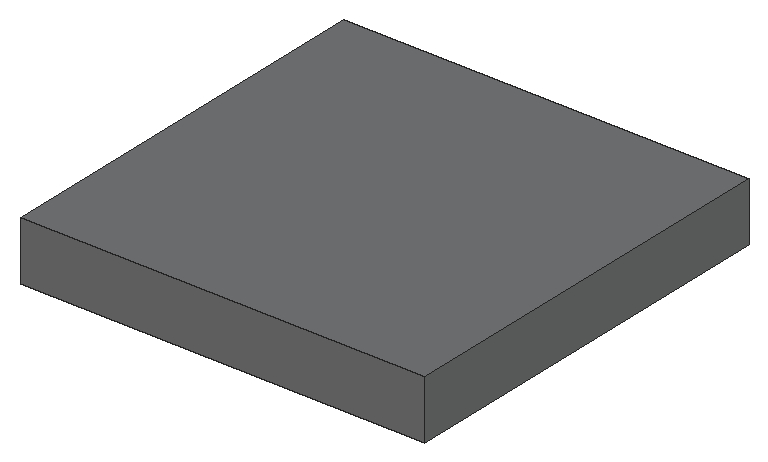
Revit family "Gira_0285600", category Electrical Fixtures, host Face, Revit 2017
Family settings
  Host = Face
  Maintain Annotation Orientation = No
  Round Connector Dimension = Use Diameter
  Part Type = Normal
  Cut with Voids When Loaded = No
  Shared = No
  Room Calculation Point = No
Parameters (values of type "Wippe Symb. Licht System 55 Edelstahl")
  Werkstoffgüte = "sonstige"
  Werkstoff = "sonstige"
  Verwendung = "Schalter/Taster"
  URL = "http://katalog.gira.de/de_DE/datenblatt.html?artikelnr=0285600"
  Region = "DE"
  Oberfläche = "sonstige"
  Name = "Wippe Symb. Licht System 55 Edelstahl"
  Mit austauschbarer Linse/Symbol = "No"
  Mit Beschriftungsfeld = "No"
  Manufacturer URL = "https://www.gira.de/"
  Kontrollfenster/Lichtauslass = "No"
  Keynote = "Sys55_Abdeckung_Schalten und Tasten"
  HeinzeBIM = "https://bimportal.heinze.de/bim/wippe-symb-licht-system-55-edelstahl/783e5e00b1190c4c38ddbeb02e49f38fc49a935d"
  Halogenfrei = "No"
  HAN = "0285600"
  Geeignet für Schutzart (IP) = "IP20"
  Geeignet für Bussystem-Tasterankopplung = "No"
  GTIN = "4010337021681"
  Farbe = "edelstahl"
  Default Elevation = 1219.2 mm
  Data sheet (1) = "https://katalog.gira.de/de_DE/download.html?artikelnr=0285600"
  Category = "Abdeckung/Bedienelement für Installationsschalterprogramme"
  Befestigungsart = "Klemmbefestigung"
  Available = "Yes"
  Ausführung = "einteilige Wippe"
  Aufdruck/Kennzeichnung = "Symbol \"Licht\""
  Anthrazit [instance] = Anthrazit
  Abtastbares Symbol/barrierefrei = "No"
Reference planes
  plane 1 "Center (Front/Back)": y = 0
  plane 2: z = 0
  plane 3 "Center (Left/Right)": x = 0
Forms (mm)
  Extrusion 1, solid, material "Anthrazit" <- "Anthrazit", detail levels fine
    sketch origin (0, 0, 0) x (1, 0, 0) y (0, 1, 0)
      loop
        line (-27.5, 27.5) -> (-27.5, -27.5) -> (27.5, -27.5) -> (27.5, 27.5) -> (-27.5, 27.5)
    from 0 to 8
  Extrusion 2, void
    sketch origin (0, 0, 0) x (1, 0, 0) y (0, 1, 0)
      loop
        line (26, 26) -> (-26, 26) -> (-26, -26) -> (26, -26) -> (26, 26)
    from 0 to 6
  Extrusion 3, solid, material "Anthrazit" <- "Anthrazit", detail levels medium
    sketch origin (0, 0, 0) x (1, 0, 0) y (0, 1, 0)
      loop
        line (-27.5, 27.5) -> (-27.5, -27.5) -> (27.5, -27.5) -> (27.5, 27.5) -> (-27.5, 27.5)
    from 0 to 8
  Extrusion 4, solid, material "Anthrazit" <- "Anthrazit", detail levels medium
    sketch origin (0, 0, 0) x (1, 0, 0) y (0, 1, 0)
      loop
        line (11, -17.5) -> (11, 17.5) -> (-11, 17.5) -> (-11, -17.5) -> (11, -17.5)
    from -6 to 6
  Extrusion 5, solid, material "Anthrazit" <- "Anthrazit", detail levels fine
    sketch origin (0, 0, 0) x (1, 0, 0) y (0, 1, 0)
      loop
        line (11, 17.5) -> (-11, 17.5) -> (-11, 16.5) -> (11, 16.5) -> (11, 17.5)
      loop
        line (-11, -16.5) -> (-11, -17.5) -> (11, -17.5) -> (11, -16.5) -> (-11, -16.5)
    from -4 to 6
  Extrusion 6, solid, material "Anthrazit" <- "Anthrazit", detail levels fine
    sketch origin (0, 0, 0) x (1, 0, 0) y (0, 1, 0)
      loop
        arc (5, 9.347) -> (0, 10.6) -> (-5, 9.347) r 10.6
        line (-5, 9.347) -> (-5, -9.347)
        arc (-5, -9.347) -> (0, -10.6) -> (5, -9.347) r 10.6
        line (5, -9.347) -> (5, 9.347)
    from -6 to 6
  Extrusion 7, solid, material "Anthrazit" <- "Anthrazit", detail levels coarse
    sketch origin (0, 0, 0) x (1, 0, 0) y (0, 1, 0)
      loop
        line (-27.5, 27.5) -> (-27.5, -27.5) -> (27.5, -27.5) -> (27.5, 27.5) -> (-27.5, 27.5)
    from -6 to 8
Cuts and joins
  Extrusion 2 cuts Extrusion 1
Dimensions and locks
  aligned and locked: plane 2 to host face
  aligned and locked: level to host face
